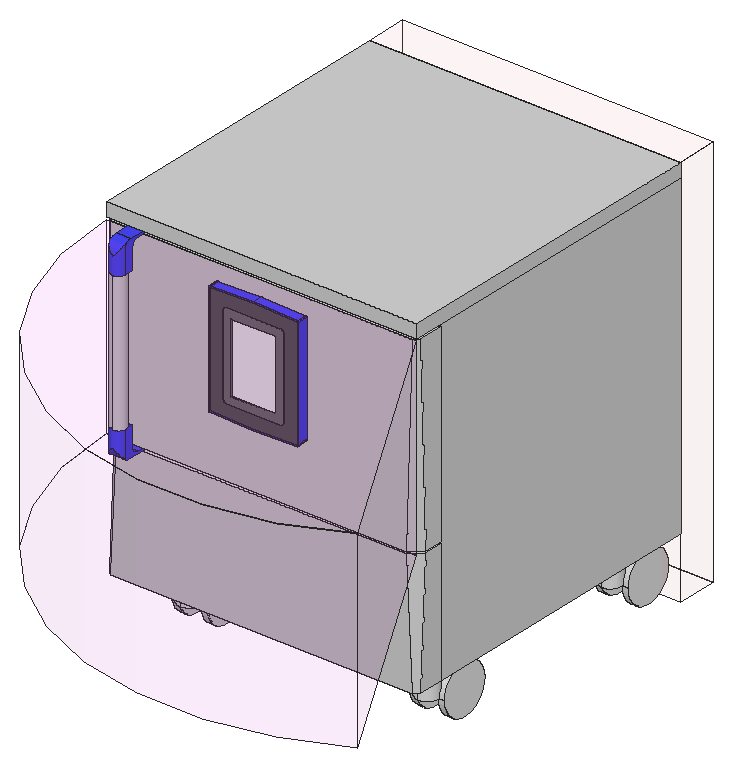
Revit family "Normann_PLUS_PLS5A-R290", category Attrezzature speciali, Revit 2021 (continued)
Definition of nested family "Griglia_Plus"
  Lines and regions (mm)
    model lines, detail levels medium+fine
      curve 1168: line (358.953, -254.362, 0) -> (372.866, -262.395, 0)
      curve 1169: line (358.953, -254.362, 0) -> (358.953, -270.428, 0)
      curve 1170: line (358.953, -270.428, 0) -> (372.866, -262.395, 0)
      curve 1171: line (360.936, -133.703, 0) -> (374.849, -125.67, 0)
      curve 1172: line (360.936, -133.703, 0) -> (374.849, -141.736, 0)
      curve 1173: line (374.849, -141.736, 0) -> (374.849, -125.67, 0)
      curve 1174: line (392.781, -133.703, 0) -> (378.867, -125.67, 0)
      curve 1175: line (392.781, -133.703, 0) -> (378.867, -141.736, 0)
      curve 1176: line (378.867, -141.736, 0) -> (378.867, -125.67, 0)
      curve 1177: line (360.936, -110.699, 0) -> (374.849, -118.731, 0)
      curve 1178: line (360.936, -110.699, 0) -> (374.849, -102.666, 0)
      curve 1179: line (374.849, -102.666, 0) -> (374.849, -118.731, 0)
      curve 1180: line (392.781, -110.699, 0) -> (378.867, -118.731, 0)
      curve 1181: line (392.781, -110.699, 0) -> (378.867, -102.666, 0)
      curve 1182: line (378.867, -102.666, 0) -> (378.867, -118.731, 0)
      curve 1183: line (394.797, -130.438, 0) -> (380.884, -122.405, 0)
      curve 1184: line (394.797, -130.438, 0) -> (394.797, -114.373, 0)
      curve 1185: line (394.797, -114.373, 0) -> (380.884, -122.405, 0)
      curve 1186: line (358.953, -114.362, 0) -> (372.866, -122.395, 0)
      curve 1187: line (358.953, -114.362, 0) -> (358.953, -130.428, 0)
      curve 1188: line (358.953, -130.428, 0) -> (372.866, -122.395, 0)
      curve 1189: line (394.797, -136.968, 0) -> (380.884, -145, 0)
      curve 1190: line (394.797, -136.968, 0) -> (394.797, -153.033, 0)
      curve 1191: line (394.797, -153.033, 0) -> (380.884, -145, 0)
      curve 1192: line (358.953, -153.043, 0) -> (372.866, -145.011, 0)
      curve 1193: line (358.953, -153.043, 0) -> (358.953, -136.978, 0)
      curve 1194: line (358.953, -136.978, 0) -> (372.866, -145.011, 0)
      curve 1195: line (360.936, -89.941, 0) -> (374.849, -81.909, 0)
      curve 1196: line (360.936, -89.941, 0) -> (374.849, -97.974, 0)
      curve 1197: line (374.849, -97.974, 0) -> (374.849, -81.909, 0)
      curve 1198: line (392.781, -89.941, 0) -> (378.867, -81.909, 0)
      curve 1199: line (392.781, -89.941, 0) -> (378.867, -97.974, 0)
      curve 1200: line (378.867, -97.974, 0) -> (378.867, -81.909, 0)
      curve 1201: line (360.936, -66.937, 0) -> (374.849, -74.97, 0)
      curve 1202: line (360.936, -66.937, 0) -> (374.849, -58.904, 0)
      curve 1203: line (374.849, -58.904, 0) -> (374.849, -74.97, 0)
      curve 1204: line (392.781, -66.937, 0) -> (378.867, -74.97, 0)
      curve 1205: line (392.781, -66.937, 0) -> (378.867, -58.904, 0)
      curve 1206: line (378.867, -58.904, 0) -> (378.867, -74.97, 0)
      curve 1207: line (394.797, -86.677, 0) -> (380.884, -78.644, 0)
      curve 1208: line (394.797, -86.677, 0) -> (394.797, -70.611, 0)
      curve 1209: line (394.797, -70.611, 0) -> (380.884, -78.644, 0)
      curve 1210: line (358.953, -70.601, 0) -> (372.866, -78.633, 0)
      curve 1211: line (358.953, -70.601, 0) -> (358.953, -86.666, 0)
      curve 1212: line (358.953, -86.666, 0) -> (372.866, -78.633, 0)
      curve 1213: line (394.797, -93.206, 0) -> (380.884, -101.239, 0)
      curve 1214: line (394.797, -93.206, 0) -> (394.797, -109.272, 0)
      curve 1215: line (394.797, -109.272, 0) -> (380.884, -101.239, 0)
      curve 1216: line (358.953, -109.282, 0) -> (372.866, -101.249, 0)
      curve 1217: line (358.953, -109.282, 0) -> (358.953, -93.217, 0)
      curve 1218: line (358.953, -93.217, 0) -> (372.866, -101.249, 0)
      curve 1219: line (360.936, -43.691, 0) -> (374.849, -35.659, 0)
      curve 1220: line (360.936, -43.691, 0) -> (374.849, -51.724, 0)
      curve 1221: line (374.849, -51.724, 0) -> (374.849, -35.659, 0)
      curve 1222: line (392.781, -43.691, 0) -> (378.867, -35.659, 0)
      curve 1223: line (392.781, -43.691, 0) -> (378.867, -51.724, 0)
      curve 1224: line (378.867, -51.724, 0) -> (378.867, -35.659, 0)
      curve 1225: line (360.936, -20.687, 0) -> (374.849, -28.72, 0)
      curve 1226: line (360.936, -20.687, 0) -> (374.849, -12.654, 0)
      curve 1227: line (374.849, -12.654, 0) -> (374.849, -28.72, 0)
      curve 1228: line (392.781, -20.687, 0) -> (378.867, -28.72, 0)
      curve 1229: line (392.781, -20.687, 0) -> (378.867, -12.654, 0)
      curve 1230: line (378.867, -12.654, 0) -> (378.867, -28.72, 0)
      curve 1231: line (394.797, -40.427, 0) -> (380.884, -32.394, 0)
      curve 1232: line (394.797, -40.427, 0) -> (394.797, -24.361, 0)
      curve 1233: line (394.797, -24.361, 0) -> (380.884, -32.394, 0)
      curve 1234: line (358.953, -24.351, 0) -> (372.866, -32.383, 0)
      curve 1235: line (358.953, -24.351, 0) -> (358.953, -40.416, 0)
      curve 1236: line (358.953, -40.416, 0) -> (372.866, -32.383, 0)
      curve 1237: line (394.797, -46.956, 0) -> (380.884, -54.989, 0)
      curve 1238: line (394.797, -46.956, 0) -> (394.797, -63.022, 0)
      curve 1239: line (394.797, -63.022, 0) -> (380.884, -54.989, 0)
      curve 1240: line (358.953, -63.032, 0) -> (372.866, -54.999, 0)
      curve 1241: line (358.953, -63.032, 0) -> (358.953, -46.967, 0)
      curve 1242: line (358.953, -46.967, 0) -> (372.866, -54.999, 0)
      curve 1243: line (400.936, -180.917, 0) -> (414.849, -172.885, 0)
      curve 1244: line (400.936, -180.917, 0) -> (414.849, -188.95, 0)
      curve 1245: line (414.849, -188.95, 0) -> (414.849, -172.885, 0)
      curve 1246: line (432.781, -180.917, 0) -> (418.867, -172.885, 0)
      curve 1247: line (432.781, -180.917, 0) -> (418.867, -188.95, 0)
      curve 1248: line (418.867, -188.95, 0) -> (418.867, -172.885, 0)
      curve 1249: line (400.936, -157.913, 0) -> (414.849, -165.946, 0)
      curve 1250: line (400.936, -157.913, 0) -> (414.849, -149.88, 0)
      curve 1251: line (414.849, -149.88, 0) -> (414.849, -165.946, 0)
      curve 1252: line (432.781, -157.913, 0) -> (418.867, -165.946, 0)
      curve 1253: line (432.781, -157.913, 0) -> (418.867, -149.88, 0)
      curve 1254: line (418.867, -149.88, 0) -> (418.867, -165.946, 0)
      curve 1255: line (434.797, -177.653, 0) -> (420.884, -169.62, 0)
      curve 1256: line (434.797, -177.653, 0) -> (434.797, -161.587, 0)
      curve 1257: line (434.797, -161.587, 0) -> (420.884, -169.62, 0)
      curve 1258: line (398.953, -161.577, 0) -> (412.866, -169.609, 0)
      curve 1259: line (398.953, -161.577, 0) -> (398.953, -177.642, 0)
      curve 1260: line (398.953, -177.642, 0) -> (412.866, -169.609, 0)
      curve 1261: line (434.797, -184.182, 0) -> (420.884, -192.215, 0)
      curve 1262: line (434.797, -184.182, 0) -> (434.797, -200.248, 0)
      curve 1263: line (434.797, -200.248, 0) -> (420.884, -192.215, 0)
      curve 1264: line (398.953, -200.258, 0) -> (412.866, -192.225, 0)
      curve 1265: line (398.953, -200.258, 0) -> (398.953, -184.192, 0)
      curve 1266: line (398.953, -184.192, 0) -> (412.866, -192.225, 0)
      curve 1267: line (400.936, -227.884, 0) -> (414.849, -219.851, 0)
      curve 1268: line (400.936, -227.884, 0) -> (414.849, -235.917, 0)
      curve 1269: line (414.849, -235.917, 0) -> (414.849, -219.851, 0)
      curve 1270: line (432.781, -227.884, 0) -> (418.867, -219.851, 0)
      curve 1271: line (432.781, -227.884, 0) -> (418.867, -235.917, 0)
      curve 1272: line (418.867, -235.917, 0) -> (418.867, -219.851, 0)
      curve 1273: line (400.936, -204.88, 0) -> (414.849, -212.912, 0)
      curve 1274: line (400.936, -204.88, 0) -> (414.849, -196.847, 0)
      curve 1275: line (414.849, -196.847, 0) -> (414.849, -212.912, 0)
      curve 1276: line (432.781, -204.88, 0) -> (418.867, -212.912, 0)
      curve 1277: line (432.781, -204.88, 0) -> (418.867, -196.847, 0)
      curve 1278: line (418.867, -196.847, 0) -> (418.867, -212.912, 0)
      curve 1279: line (434.797, -224.619, 0) -> (420.884, -216.587, 0)
      curve 1280: line (434.797, -224.619, 0) -> (434.797, -208.554, 0)
      curve 1281: line (434.797, -208.554, 0) -> (420.884, -216.587, 0)
      curve 1282: line (398.953, -208.543, 0) -> (412.866, -216.576, 0)
      curve 1283: line (398.953, -208.543, 0) -> (398.953, -224.609, 0)
      curve 1284: line (398.953, -224.609, 0) -> (412.866, -216.576, 0)
      curve 1285: line (434.797, -231.149, 0) -> (420.884, -239.181, 0)
      curve 1286: line (434.797, -231.149, 0) -> (434.797, -247.214, 0)
      curve 1287: line (434.797, -247.214, 0) -> (420.884, -239.181, 0)
      curve 1288: line (398.953, -247.225, 0) -> (412.866, -239.192, 0)
      curve 1289: line (398.953, -247.225, 0) -> (398.953, -231.159, 0)
      curve 1290: line (398.953, -231.159, 0) -> (412.866, -239.192, 0)
      curve 1291: line (400.936, -273.703, 0) -> (414.849, -265.67, 0)
      curve 1292: line (400.936, -273.703, 0) -> (414.849, -281.736, 0)
      curve 1293: line (414.849, -281.736, 0) -> (414.849, -265.67, 0)
      curve 1294: line (432.781, -273.703, 0) -> (418.867, -265.67, 0)
      curve 1295: line (432.781, -273.703, 0) -> (418.867, -281.736, 0)
      curve 1296: line (418.867, -281.736, 0) -> (418.867, -265.67, 0)
      curve 1297: line (400.936, -250.699, 0) -> (414.849, -258.731, 0)
      curve 1298: line (400.936, -250.699, 0) -> (414.849, -242.666, 0)
      curve 1299: line (414.849, -242.666, 0) -> (414.849, -258.731, 0)
      curve 1300: line (432.781, -250.699, 0) -> (418.867, -258.731, 0)
      curve 1301: line (432.781, -250.699, 0) -> (418.867, -242.666, 0)
      curve 1302: line (418.867, -242.666, 0) -> (418.867, -258.731, 0)
      curve 1303: line (434.797, -270.438, 0) -> (420.884, -262.405, 0)
      curve 1304: line (434.797, -270.438, 0) -> (434.797, -254.373, 0)
      curve 1305: line (434.797, -254.373, 0) -> (420.884, -262.405, 0)
      curve 1306: line (398.953, -254.362, 0) -> (412.866, -262.395, 0)
      curve 1307: line (398.953, -254.362, 0) -> (398.953, -270.428, 0)
      curve 1308: line (398.953, -270.428, 0) -> (412.866, -262.395, 0)
      curve 1309: line (400.936, -133.703, 0) -> (414.849, -125.67, 0)
      curve 1310: line (400.936, -133.703, 0) -> (414.849, -141.736, 0)
      curve 1311: line (414.849, -141.736, 0) -> (414.849, -125.67, 0)
      curve 1312: line (432.781, -133.703, 0) -> (418.867, -125.67, 0)
      curve 1313: line (432.781, -133.703, 0) -> (418.867, -141.736, 0)
      curve 1314: line (418.867, -141.736, 0) -> (418.867, -125.67, 0)
      curve 1315: line (400.936, -110.699, 0) -> (414.849, -118.731, 0)
      curve 1316: line (400.936, -110.699, 0) -> (414.849, -102.666, 0)
      curve 1317: line (414.849, -102.666, 0) -> (414.849, -118.731, 0)
      curve 1318: line (432.781, -110.699, 0) -> (418.867, -118.731, 0)
      curve 1319: line (432.781, -110.699, 0) -> (418.867, -102.666, 0)
      curve 1320: line (418.867, -102.666, 0) -> (418.867, -118.731, 0)
      curve 1321: line (434.797, -130.438, 0) -> (420.884, -122.405, 0)
      curve 1322: line (434.797, -130.438, 0) -> (434.797, -114.373, 0)
      curve 1323: line (434.797, -114.373, 0) -> (420.884, -122.405, 0)
      curve 1324: line (398.953, -114.362, 0) -> (412.866, -122.395, 0)
      curve 1325: line (398.953, -114.362, 0) -> (398.953, -130.428, 0)
      curve 1326: line (398.953, -130.428, 0) -> (412.866, -122.395, 0)
      curve 1327: line (434.797, -136.968, 0) -> (420.884, -145, 0)
      curve 1328: line (434.797, -136.968, 0) -> (434.797, -153.033, 0)
      curve 1329: line (434.797, -153.033, 0) -> (420.884, -145, 0)
      curve 1330: line (398.953, -153.043, 0) -> (412.866, -145.011, 0)
      curve 1331: line (398.953, -153.043, 0) -> (398.953, -136.978, 0)
      curve 1332: line (398.953, -136.978, 0) -> (412.866, -145.011, 0)
      curve 1333: line (400.936, -89.941, 0) -> (414.849, -81.909, 0)
      curve 1334: line (400.936, -89.941, 0) -> (414.849, -97.974, 0)
      curve 1335: line (414.849, -97.974, 0) -> (414.849, -81.909, 0)
      curve 1336: line (432.781, -89.941, 0) -> (418.867, -81.909, 0)
      curve 1337: line (432.781, -89.941, 0) -> (418.867, -97.974, 0)
      curve 1338: line (418.867, -97.974, 0) -> (418.867, -81.909, 0)
      curve 1339: line (400.936, -66.937, 0) -> (414.849, -74.97, 0)
      curve 1340: line (400.936, -66.937, 0) -> (414.849, -58.904, 0)
      curve 1341: line (414.849, -58.904, 0) -> (414.849, -74.97, 0)
      curve 1342: line (432.781, -66.937, 0) -> (418.867, -74.97, 0)
      curve 1343: line (432.781, -66.937, 0) -> (418.867, -58.904, 0)
      curve 1344: line (418.867, -58.904, 0) -> (418.867, -74.97, 0)
      curve 1345: line (434.797, -86.677, 0) -> (420.884, -78.644, 0)
      curve 1346: line (434.797, -86.677, 0) -> (434.797, -70.611, 0)
      curve 1347: line (434.797, -70.611, 0) -> (420.884, -78.644, 0)
      curve 1348: line (398.953, -70.601, 0) -> (412.866, -78.633, 0)
      curve 1349: line (398.953, -70.601, 0) -> (398.953, -86.666, 0)
      curve 1350: line (398.953, -86.666, 0) -> (412.866, -78.633, 0)
      curve 1351: line (434.797, -93.206, 0) -> (420.884, -101.239, 0)
      curve 1352: line (434.797, -93.206, 0) -> (434.797, -109.272, 0)
      curve 1353: line (434.797, -109.272, 0) -> (420.884, -101.239, 0)
      curve 1354: line (398.953, -109.282, 0) -> (412.866, -101.249, 0)
      curve 1355: line (398.953, -109.282, 0) -> (398.953, -93.217, 0)
      curve 1356: line (398.953, -93.217, 0) -> (412.866, -101.249, 0)
      curve 1357: line (400.936, -43.691, 0) -> (414.849, -35.659, 0)
      curve 1358: line (400.936, -43.691, 0) -> (414.849, -51.724, 0)
      curve 1359: line (414.849, -51.724, 0) -> (414.849, -35.659, 0)
      curve 1360: line (432.781, -43.691, 0) -> (418.867, -35.659, 0)
      curve 1361: line (432.781, -43.691, 0) -> (418.867, -51.724, 0)
      curve 1362: line (418.867, -51.724, 0) -> (418.867, -35.659, 0)
      curve 1363: line (400.936, -20.687, 0) -> (414.849, -28.72, 0)
      curve 1364: line (400.936, -20.687, 0) -> (414.849, -12.654, 0)
      curve 1365: line (414.849, -12.654, 0) -> (414.849, -28.72, 0)
      curve 1366: line (432.781, -20.687, 0) -> (418.867, -28.72, 0)
      curve 1367: line (432.781, -20.687, 0) -> (418.867, -12.654, 0)
      curve 1368: line (418.867, -12.654, 0) -> (418.867, -28.72, 0)
      curve 1369: line (434.797, -40.427, 0) -> (420.884, -32.394, 0)
      curve 1370: line (434.797, -40.427, 0) -> (434.797, -24.361, 0)
      curve 1371: line (434.797, -24.361, 0) -> (420.884, -32.394, 0)
      curve 1372: line (398.953, -24.351, 0) -> (412.866, -32.383, 0)
      curve 1373: line (398.953, -24.351, 0) -> (398.953, -40.416, 0)
      curve 1374: line (398.953, -40.416, 0) -> (412.866, -32.383, 0)
      curve 1375: line (434.797, -46.956, 0) -> (420.884, -54.989, 0)
      curve 1376: line (434.797, -46.956, 0) -> (434.797, -63.022, 0)
      curve 1377: line (434.797, -63.022, 0) -> (420.884, -54.989, 0)
      curve 1378: line (398.953, -63.032, 0) -> (412.866, -54.999, 0)
      curve 1379: line (398.953, -63.032, 0) -> (398.953, -46.967, 0)
      curve 1380: line (398.953, -46.967, 0) -> (412.866, -54.999, 0)
      curve 1381: line (440.936, -180.917, 0) -> (454.849, -172.885, 0)
      curve 1382: line (440.936, -180.917, 0) -> (454.849, -188.95, 0)
      curve 1383: line (454.849, -188.95, 0) -> (454.849, -172.885, 0)
      curve 1384: line (472.781, -180.917, 0) -> (458.867, -172.885, 0)
      curve 1385: line (472.781, -180.917, 0) -> (458.867, -188.95, 0)
      curve 1386: line (458.867, -188.95, 0) -> (458.867, -172.885, 0)
      curve 1387: line (440.936, -157.913, 0) -> (454.849, -165.946, 0)
      curve 1388: line (440.936, -157.913, 0) -> (454.849, -149.88, 0)
      curve 1389: line (454.849, -149.88, 0) -> (454.849, -165.946, 0)
      curve 1390: line (472.781, -157.913, 0) -> (458.867, -165.946, 0)
      curve 1391: line (472.781, -157.913, 0) -> (458.867, -149.88, 0)
      curve 1392: line (458.867, -149.88, 0) -> (458.867, -165.946, 0)
      curve 1393: line (474.797, -177.653, 0) -> (460.884, -169.62, 0)
      curve 1394: line (474.797, -177.653, 0) -> (474.797, -161.587, 0)
      curve 1395: line (474.797, -161.587, 0) -> (460.884, -169.62, 0)
      curve 1396: line (438.953, -161.577, 0) -> (452.866, -169.609, 0)
      curve 1397: line (438.953, -161.577, 0) -> (438.953, -177.642, 0)
      curve 1398: line (438.953, -177.642, 0) -> (452.866, -169.609, 0)
      curve 1399: line (474.797, -184.182, 0) -> (460.884, -192.215, 0)
      curve 1400: line (474.797, -184.182, 0) -> (474.797, -200.248, 0)
      curve 1401: line (474.797, -200.248, 0) -> (460.884, -192.215, 0)
      curve 1402: line (438.953, -200.258, 0) -> (452.866, -192.225, 0)
      curve 1403: line (438.953, -200.258, 0) -> (438.953, -184.192, 0)
      curve 1404: line (438.953, -184.192, 0) -> (452.866, -192.225, 0)
      curve 1405: line (440.936, -227.884, 0) -> (454.849, -219.851, 0)
      curve 1406: line (440.936, -227.884, 0) -> (454.849, -235.917, 0)
      curve 1407: line (454.849, -235.917, 0) -> (454.849, -219.851, 0)
      curve 1408: line (472.781, -227.884, 0) -> (458.867, -219.851, 0)
      curve 1409: line (472.781, -227.884, 0) -> (458.867, -235.917, 0)
      curve 1410: line (458.867, -235.917, 0) -> (458.867, -219.851, 0)
      curve 1411: line (440.936, -204.88, 0) -> (454.849, -212.912, 0)
      curve 1412: line (440.936, -204.88, 0) -> (454.849, -196.847, 0)
      curve 1413: line (454.849, -196.847, 0) -> (454.849, -212.912, 0)
      curve 1414: line (472.781, -204.88, 0) -> (458.867, -212.912, 0)
      curve 1415: line (472.781, -204.88, 0) -> (458.867, -196.847, 0)
      curve 1416: line (458.867, -196.847, 0) -> (458.867, -212.912, 0)
      curve 1417: line (474.797, -224.619, 0) -> (460.884, -216.587, 0)
      curve 1418: line (474.797, -224.619, 0) -> (474.797, -208.554, 0)
      curve 1419: line (474.797, -208.554, 0) -> (460.884, -216.587, 0)
      curve 1420: line (438.953, -208.543, 0) -> (452.866, -216.576, 0)
      curve 1421: line (438.953, -208.543, 0) -> (438.953, -224.609, 0)
      curve 1422: line (438.953, -224.609, 0) -> (452.866, -216.576, 0)
      curve 1423: line (474.797, -231.149, 0) -> (460.884, -239.181, 0)
      curve 1424: line (474.797, -231.149, 0) -> (474.797, -247.214, 0)
      curve 1425: line (474.797, -247.214, 0) -> (460.884, -239.181, 0)
      curve 1426: line (438.953, -247.225, 0) -> (452.866, -239.192, 0)
      curve 1427: line (438.953, -247.225, 0) -> (438.953, -231.159, 0)
      curve 1428: line (438.953, -231.159, 0) -> (452.866, -239.192, 0)
      curve 1429: line (440.936, -273.703, 0) -> (454.849, -265.67, 0)
      curve 1430: line (440.936, -273.703, 0) -> (454.849, -281.736, 0)
      curve 1431: line (454.849, -281.736, 0) -> (454.849, -265.67, 0)
      curve 1432: line (472.781, -273.703, 0) -> (458.867, -265.67, 0)
      curve 1433: line (472.781, -273.703, 0) -> (458.867, -281.736, 0)
      curve 1434: line (458.867, -281.736, 0) -> (458.867, -265.67, 0)
      curve 1435: line (440.936, -250.699, 0) -> (454.849, -258.731, 0)
      curve 1436: line (440.936, -250.699, 0) -> (454.849, -242.666, 0)
      curve 1437: line (454.849, -242.666, 0) -> (454.849, -258.731, 0)
      curve 1438: line (472.781, -250.699, 0) -> (458.867, -258.731, 0)
      curve 1439: line (472.781, -250.699, 0) -> (458.867, -242.666, 0)
      curve 1440: line (458.867, -242.666, 0) -> (458.867, -258.731, 0)
      curve 1441: line (474.797, -270.438, 0) -> (460.884, -262.405, 0)
      curve 1442: line (474.797, -270.438, 0) -> (474.797, -254.373, 0)
      curve 1443: line (474.797, -254.373, 0) -> (460.884, -262.405, 0)
      curve 1444: line (438.953, -254.362, 0) -> (452.866, -262.395, 0)
      curve 1445: line (438.953, -254.362, 0) -> (438.953, -270.428, 0)
      curve 1446: line (438.953, -270.428, 0) -> (452.866, -262.395, 0)
      curve 1447: line (440.936, -133.703, 0) -> (454.849, -125.67, 0)
      curve 1448: line (440.936, -133.703, 0) -> (454.849, -141.736, 0)
      curve 1449: line (454.849, -141.736, 0) -> (454.849, -125.67, 0)
      curve 1450: line (472.781, -133.703, 0) -> (458.867, -125.67, 0)
      curve 1451: line (472.781, -133.703, 0) -> (458.867, -141.736, 0)
      curve 1452: line (458.867, -141.736, 0) -> (458.867, -125.67, 0)
      curve 1453: line (440.936, -110.699, 0) -> (454.849, -118.731, 0)
      curve 1454: line (440.936, -110.699, 0) -> (454.849, -102.666, 0)
      curve 1455: line (454.849, -102.666, 0) -> (454.849, -118.731, 0)
      curve 1456: line (472.781, -110.699, 0) -> (458.867, -118.731, 0)
      curve 1457: line (472.781, -110.699, 0) -> (458.867, -102.666, 0)
      curve 1458: line (458.867, -102.666, 0) -> (458.867, -118.731, 0)
      curve 1459: line (474.797, -130.438, 0) -> (460.884, -122.405, 0)
      curve 1460: line (474.797, -130.438, 0) -> (474.797, -114.373, 0)
      curve 1461: line (474.797, -114.373, 0) -> (460.884, -122.405, 0)
      curve 1462: line (438.953, -114.362, 0) -> (452.866, -122.395, 0)
      curve 1463: line (438.953, -114.362, 0) -> (438.953, -130.428, 0)
      curve 1464: line (438.953, -130.428, 0) -> (452.866, -122.395, 0)
      curve 1465: line (474.797, -136.968, 0) -> (460.884, -145, 0)
      curve 1466: line (474.797, -136.968, 0) -> (474.797, -153.033, 0)
      curve 1467: line (474.797, -153.033, 0) -> (460.884, -145, 0)
      curve 1468: line (438.953, -153.043, 0) -> (452.866, -145.011, 0)
      curve 1469: line (438.953, -153.043, 0) -> (438.953, -136.978, 0)
      curve 1470: line (438.953, -136.978, 0) -> (452.866, -145.011, 0)
      curve 1471: line (440.936, -89.941, 0) -> (454.849, -81.909, 0)
      curve 1472: line (440.936, -89.941, 0) -> (454.849, -97.974, 0)
      curve 1473: line (454.849, -97.974, 0) -> (454.849, -81.909, 0)
      curve 1474: line (472.781, -89.941, 0) -> (458.867, -81.909, 0)
      curve 1475: line (472.781, -89.941, 0) -> (458.867, -97.974, 0)
      curve 1476: line (458.867, -97.974, 0) -> (458.867, -81.909, 0)
      curve 1477: line (440.936, -66.937, 0) -> (454.849, -74.97, 0)
      curve 1478: line (440.936, -66.937, 0) -> (454.849, -58.904, 0)
      curve 1479: line (454.849, -58.904, 0) -> (454.849, -74.97, 0)
      curve 1480: line (472.781, -66.937, 0) -> (458.867, -74.97, 0)
      curve 1481: line (472.781, -66.937, 0) -> (458.867, -58.904, 0)
      curve 1482: line (458.867, -58.904, 0) -> (458.867, -74.97, 0)
      curve 1483: line (474.797, -86.677, 0) -> (460.884, -78.644, 0)
      curve 1484: line (474.797, -86.677, 0) -> (474.797, -70.611, 0)
      curve 1485: line (474.797, -70.611, 0) -> (460.884, -78.644, 0)
      curve 1486: line (438.953, -70.601, 0) -> (452.866, -78.633, 0)
      curve 1487: line (438.953, -70.601, 0) -> (438.953, -86.666, 0)
      curve 1488: line (438.953, -86.666, 0) -> (452.866, -78.633, 0)
      curve 1489: line (474.797, -93.206, 0) -> (460.884, -101.239, 0)
      curve 1490: line (474.797, -93.206, 0) -> (474.797, -109.272, 0)
      curve 1491: line (474.797, -109.272, 0) -> (460.884, -101.239, 0)
      curve 1492: line (438.953, -109.282, 0) -> (452.866, -101.249, 0)
      curve 1493: line (438.953, -109.282, 0) -> (438.953, -93.217, 0)
      curve 1494: line (438.953, -93.217, 0) -> (452.866, -101.249, 0)
      curve 1495: line (440.936, -43.691, 0) -> (454.849, -35.659, 0)
      curve 1496: line (440.936, -43.691, 0) -> (454.849, -51.724, 0)
      curve 1497: line (454.849, -51.724, 0) -> (454.849, -35.659, 0)
      curve 1498: line (472.781, -43.691, 0) -> (458.867, -35.659, 0)
      curve 1499: line (472.781, -43.691, 0) -> (458.867, -51.724, 0)
      curve 1500: line (458.867, -51.724, 0) -> (458.867, -35.659, 0)
      curve 1501: line (440.936, -20.687, 0) -> (454.849, -28.72, 0)
      curve 1502: line (440.936, -20.687, 0) -> (454.849, -12.654, 0)
      curve 1503: line (454.849, -12.654, 0) -> (454.849, -28.72, 0)
      curve 1504: line (472.781, -20.687, 0) -> (458.867, -28.72, 0)
      curve 1505: line (472.781, -20.687, 0) -> (458.867, -12.654, 0)
      curve 1506: line (458.867, -12.654, 0) -> (458.867, -28.72, 0)
      curve 1507: line (474.797, -40.427, 0) -> (460.884, -32.394, 0)
      curve 1508: line (474.797, -40.427, 0) -> (474.797, -24.361, 0)
      curve 1509: line (474.797, -24.361, 0) -> (460.884, -32.394, 0)
      curve 1510: line (438.953, -24.351, 0) -> (452.866, -32.383, 0)
      curve 1511: line (438.953, -24.351, 0) -> (438.953, -40.416, 0)
      curve 1512: line (438.953, -40.416, 0) -> (452.866, -32.383, 0)
      curve 1513: line (474.797, -46.956, 0) -> (460.884, -54.989, 0)
      curve 1514: line (474.797, -46.956, 0) -> (474.797, -63.022, 0)
      curve 1515: line (474.797, -63.022, 0) -> (460.884, -54.989, 0)
      curve 1516: line (438.953, -63.032, 0) -> (452.866, -54.999, 0)
      curve 1517: line (438.953, -63.032, 0) -> (438.953, -46.967, 0)
      curve 1518: line (438.953, -46.967, 0) -> (452.866, -54.999, 0)
      curve 1519: line (480.936, -180.917, 0) -> (494.849, -172.885, 0)
      curve 1520: line (480.936, -180.917, 0) -> (494.849, -188.95, 0)
      curve 1521: line (494.849, -188.95, 0) -> (494.849, -172.885, 0)
      curve 1522: line (512.781, -180.917, 0) -> (498.867, -172.885, 0)
      curve 1523: line (512.781, -180.917, 0) -> (498.867, -188.95, 0)
      curve 1524: line (498.867, -188.95, 0) -> (498.867, -172.885, 0)
      curve 1525: line (480.936, -157.913, 0) -> (494.849, -165.946, 0)
      curve 1526: line (480.936, -157.913, 0) -> (494.849, -149.88, 0)
      curve 1527: line (494.849, -149.88, 0) -> (494.849, -165.946, 0)
      curve 1528: line (512.781, -157.913, 0) -> (498.867, -165.946, 0)
      curve 1529: line (512.781, -157.913, 0) -> (498.867, -149.88, 0)
      curve 1530: line (498.867, -149.88, 0) -> (498.867, -165.946, 0)
      curve 1531: line (514.797, -177.653, 0) -> (500.884, -169.62, 0)
      curve 1532: line (514.797, -177.653, 0) -> (514.797, -161.587, 0)
      curve 1533: line (514.797, -161.587, 0) -> (500.884, -169.62, 0)
      curve 1534: line (478.953, -161.577, 0) -> (492.866, -169.609, 0)
      curve 1535: line (478.953, -161.577, 0) -> (478.953, -177.642, 0)
      curve 1536: line (478.953, -177.642, 0) -> (492.866, -169.609, 0)
      curve 1537: line (514.797, -184.182, 0) -> (500.884, -192.215, 0)
      curve 1538: line (514.797, -184.182, 0) -> (514.797, -200.248, 0)
      curve 1539: line (514.797, -200.248, 0) -> (500.884, -192.215, 0)
      curve 1540: line (478.953, -200.258, 0) -> (492.866, -192.225, 0)
      curve 1541: line (478.953, -200.258, 0) -> (478.953, -184.192, 0)
      curve 1542: line (478.953, -184.192, 0) -> (492.866, -192.225, 0)
      curve 1543: line (480.936, -227.884, 0) -> (494.849, -219.851, 0)
      curve 1544: line (480.936, -227.884, 0) -> (494.849, -235.917, 0)
      curve 1545: line (494.849, -235.917, 0) -> (494.849, -219.851, 0)
      curve 1546: line (512.781, -227.884, 0) -> (498.867, -219.851, 0)
      curve 1547: line (512.781, -227.884, 0) -> (498.867, -235.917, 0)
      curve 1548: line (498.867, -235.917, 0) -> (498.867, -219.851, 0)
      curve 1549: line (480.936, -204.88, 0) -> (494.849, -212.912, 0)
      curve 1550: line (480.936, -204.88, 0) -> (494.849, -196.847, 0)
      curve 1551: line (494.849, -196.847, 0) -> (494.849, -212.912, 0)
      curve 1552: line (512.781, -204.88, 0) -> (498.867, -212.912, 0)
      curve 1553: line (512.781, -204.88, 0) -> (498.867, -196.847, 0)
      curve 1554: line (498.867, -196.847, 0) -> (498.867, -212.912, 0)
      curve 1555: line (514.797, -224.619, 0) -> (500.884, -216.587, 0)
      curve 1556: line (514.797, -224.619, 0) -> (514.797, -208.554, 0)
      curve 1557: line (514.797, -208.554, 0) -> (500.884, -216.587, 0)
      curve 1558: line (478.953, -208.543, 0) -> (492.866, -216.576, 0)
      curve 1559: line (478.953, -208.543, 0) -> (478.953, -224.609, 0)
      curve 1560: line (478.953, -224.609, 0) -> (492.866, -216.576, 0)
      curve 1561: line (514.797, -231.149, 0) -> (500.884, -239.181, 0)
      curve 1562: line (514.797, -231.149, 0) -> (514.797, -247.214, 0)
      curve 1563: line (514.797, -247.214, 0) -> (500.884, -239.181, 0)
      curve 1564: line (478.953, -247.225, 0) -> (492.866, -239.192, 0)
      curve 1565: line (478.953, -247.225, 0) -> (478.953, -231.159, 0)
      curve 1566: line (478.953, -231.159, 0) -> (492.866, -239.192, 0)
      curve 1567: line (480.936, -273.703, 0) -> (494.849, -265.67, 0)
      curve 1568: line (480.936, -273.703, 0) -> (494.849, -281.736, 0)
      curve 1569: line (494.849, -281.736, 0) -> (494.849, -265.67, 0)
      curve 1570: line (512.781, -273.703, 0) -> (498.867, -265.67, 0)
      curve 1571: line (512.781, -273.703, 0) -> (498.867, -281.736, 0)
      curve 1572: line (498.867, -281.736, 0) -> (498.867, -265.67, 0)
      curve 1573: line (480.936, -250.699, 0) -> (494.849, -258.731, 0)
      curve 1574: line (480.936, -250.699, 0) -> (494.849, -242.666, 0)
      curve 1575: line (494.849, -242.666, 0) -> (494.849, -258.731, 0)
      curve 1576: line (512.781, -250.699, 0) -> (498.867, -258.731, 0)
      curve 1577: line (512.781, -250.699, 0) -> (498.867, -242.666, 0)
      curve 1578: line (498.867, -242.666, 0) -> (498.867, -258.731, 0)
      curve 1579: line (514.797, -270.438, 0) -> (500.884, -262.405, 0)
      curve 1580: line (514.797, -270.438, 0) -> (514.797, -254.373, 0)
      curve 1581: line (514.797, -254.373, 0) -> (500.884, -262.405, 0)
      curve 1582: line (478.953, -254.362, 0) -> (492.866, -262.395, 0)
      curve 1583: line (478.953, -254.362, 0) -> (478.953, -270.428, 0)
      curve 1584: line (478.953, -270.428, 0) -> (492.866, -262.395, 0)
      curve 1585: line (480.936, -133.703, 0) -> (494.849, -125.67, 0)
      curve 1586: line (480.936, -133.703, 0) -> (494.849, -141.736, 0)
      curve 1587: line (494.849, -141.736, 0) -> (494.849, -125.67, 0)
      curve 1588: line (512.781, -133.703, 0) -> (498.867, -125.67, 0)
      curve 1589: line (512.781, -133.703, 0) -> (498.867, -141.736, 0)
      curve 1590: line (498.867, -141.736, 0) -> (498.867, -125.67, 0)
      curve 1591: line (480.936, -110.699, 0) -> (494.849, -118.731, 0)
      curve 1592: line (480.936, -110.699, 0) -> (494.849, -102.666, 0)
      curve 1593: line (494.849, -102.666, 0) -> (494.849, -118.731, 0)
      curve 1594: line (512.781, -110.699, 0) -> (498.867, -118.731, 0)
      curve 1595: line (512.781, -110.699, 0) -> (498.867, -102.666, 0)
      curve 1596: line (498.867, -102.666, 0) -> (498.867, -118.731, 0)
      curve 1597: line (514.797, -130.438, 0) -> (500.884, -122.405, 0)
      curve 1598: line (514.797, -130.438, 0) -> (514.797, -114.373, 0)
      curve 1599: line (514.797, -114.373, 0) -> (500.884, -122.405, 0)
      curve 1600: line (478.953, -114.362, 0) -> (492.866, -122.395, 0)
      curve 1601: line (478.953, -114.362, 0) -> (478.953, -130.428, 0)
      curve 1602: line (478.953, -130.428, 0) -> (492.866, -122.395, 0)
      curve 1603: line (514.797, -136.968, 0) -> (500.884, -145, 0)
      curve 1604: line (514.797, -136.968, 0) -> (514.797, -153.033, 0)
      curve 1605: line (514.797, -153.033, 0) -> (500.884, -145, 0)
      curve 1606: line (478.953, -153.043, 0) -> (492.866, -145.011, 0)
      curve 1607: line (478.953, -153.043, 0) -> (478.953, -136.978, 0)
      curve 1608: line (478.953, -136.978, 0) -> (492.866, -145.011, 0)
      curve 1609: line (480.936, -89.941, 0) -> (494.849, -81.909, 0)
      curve 1610: line (480.936, -89.941, 0) -> (494.849, -97.974, 0)
      curve 1611: line (494.849, -97.974, 0) -> (494.849, -81.909, 0)
      curve 1612: line (512.781, -89.941, 0) -> (498.867, -81.909, 0)
      curve 1613: line (512.781, -89.941, 0) -> (498.867, -97.974, 0)
      curve 1614: line (498.867, -97.974, 0) -> (498.867, -81.909, 0)
      curve 1615: line (480.936, -66.937, 0) -> (494.849, -74.97, 0)
      curve 1616: line (480.936, -66.937, 0) -> (494.849, -58.904, 0)
      curve 1617: line (494.849, -58.904, 0) -> (494.849, -74.97, 0)
      curve 1618: line (512.781, -66.937, 0) -> (498.867, -74.97, 0)
      curve 1619: line (512.781, -66.937, 0) -> (498.867, -58.904, 0)
      curve 1620: line (498.867, -58.904, 0) -> (498.867, -74.97, 0)
      curve 1621: line (514.797, -86.677, 0) -> (500.884, -78.644, 0)
      curve 1622: line (514.797, -86.677, 0) -> (514.797, -70.611, 0)
      curve 1623: line (514.797, -70.611, 0) -> (500.884, -78.644, 0)
      curve 1624: line (478.953, -70.601, 0) -> (492.866, -78.633, 0)
      curve 1625: line (478.953, -70.601, 0) -> (478.953, -86.666, 0)
      curve 1626: line (478.953, -86.666, 0) -> (492.866, -78.633, 0)
      curve 1627: line (514.797, -93.206, 0) -> (500.884, -101.239, 0)
      curve 1628: line (514.797, -93.206, 0) -> (514.797, -109.272, 0)
      curve 1629: line (514.797, -109.272, 0) -> (500.884, -101.239, 0)
      curve 1630: line (478.953, -109.282, 0) -> (492.866, -101.249, 0)
      curve 1631: line (478.953, -109.282, 0) -> (478.953, -93.217, 0)
      curve 1632: line (478.953, -93.217, 0) -> (492.866, -101.249, 0)
      curve 1633: line (480.936, -43.691, 0) -> (494.849, -35.659, 0)
      curve 1634: line (480.936, -43.691, 0) -> (494.849, -51.724, 0)
      curve 1635: line (494.849, -51.724, 0) -> (494.849, -35.659, 0)
      curve 1636: line (512.781, -43.691, 0) -> (498.867, -35.659, 0)
      curve 1637: line (512.781, -43.691, 0) -> (498.867, -51.724, 0)
      curve 1638: line (498.867, -51.724, 0) -> (498.867, -35.659, 0)
      curve 1639: line (480.936, -20.687, 0) -> (494.849, -28.72, 0)
      curve 1640: line (480.936, -20.687, 0) -> (494.849, -12.654, 0)
      curve 1641: line (494.849, -12.654, 0) -> (494.849, -28.72, 0)
      curve 1642: line (512.781, -20.687, 0) -> (498.867, -28.72, 0)
      curve 1643: line (512.781, -20.687, 0) -> (498.867, -12.654, 0)
      curve 1644: line (498.867, -12.654, 0) -> (498.867, -28.72, 0)
      curve 1645: line (514.797, -40.427, 0) -> (500.884, -32.394, 0)
      curve 1646: line (514.797, -40.427, 0) -> (514.797, -24.361, 0)
      curve 1647: line (514.797, -24.361, 0) -> (500.884, -32.394, 0)
      curve 1648: line (478.953, -24.351, 0) -> (492.866, -32.383, 0)
      curve 1649: line (478.953, -24.351, 0) -> (478.953, -40.416, 0)
      curve 1650: line (478.953, -40.416, 0) -> (492.866, -32.383, 0)
      curve 1651: line (514.797, -46.956, 0) -> (500.884, -54.989, 0)
      curve 1652: line (514.797, -46.956, 0) -> (514.797, -63.022, 0)
      curve 1653: line (514.797, -63.022, 0) -> (500.884, -54.989, 0)
      curve 1654: line (478.953, -63.032, 0) -> (492.866, -54.999, 0)
      curve 1655: line (478.953, -63.032, 0) -> (478.953, -46.967, 0)
      curve 1656: line (478.953, -46.967, 0) -> (492.866, -54.999, 0)
      curve 1657: line (520.936, -180.917, 0) -> (534.849, -172.885, 0)
      curve 1658: line (520.936, -180.917, 0) -> (534.849, -188.95, 0)
      curve 1659: line (534.849, -188.95, 0) -> (534.849, -172.885, 0)
      curve 1660: line (552.781, -180.917, 0) -> (538.867, -172.885, 0)
      curve 1661: line (552.781, -180.917, 0) -> (538.867, -188.95, 0)
      curve 1662: line (538.867, -188.95, 0) -> (538.867, -172.885, 0)
      curve 1663: line (520.936, -157.913, 0) -> (534.849, -165.946, 0)
      curve 1664: line (520.936, -157.913, 0) -> (534.849, -149.88, 0)
      curve 1665: line (534.849, -149.88, 0) -> (534.849, -165.946, 0)
      curve 1666: line (552.781, -157.913, 0) -> (538.867, -165.946, 0)
      curve 1667: line (552.781, -157.913, 0) -> (538.867, -149.88, 0)
      curve 1668: line (538.867, -149.88, 0) -> (538.867, -165.946, 0)
      curve 1669: line (554.797, -177.653, 0) -> (540.884, -169.62, 0)
      curve 1670: line (554.797, -177.653, 0) -> (554.797, -161.587, 0)
      curve 1671: line (554.797, -161.587, 0) -> (540.884, -169.62, 0)
      curve 1672: line (518.953, -161.577, 0) -> (532.866, -169.609, 0)
      curve 1673: line (518.953, -161.577, 0) -> (518.953, -177.642, 0)
      curve 1674: line (518.953, -177.642, 0) -> (532.866, -169.609, 0)
      curve 1675: line (554.797, -184.182, 0) -> (540.884, -192.215, 0)
      curve 1676: line (554.797, -184.182, 0) -> (554.797, -200.248, 0)
      curve 1677: line (554.797, -200.248, 0) -> (540.884, -192.215, 0)
      curve 1678: line (518.953, -200.258, 0) -> (532.866, -192.225, 0)
      curve 1679: line (518.953, -200.258, 0) -> (518.953, -184.192, 0)
      curve 1680: line (518.953, -184.192, 0) -> (532.866, -192.225, 0)
      curve 1681: line (520.936, -227.884, 0) -> (534.849, -219.851, 0)
      curve 1682: line (520.936, -227.884, 0) -> (534.849, -235.917, 0)
      curve 1683: line (534.849, -235.917, 0) -> (534.849, -219.851, 0)
      curve 1684: line (552.781, -227.884, 0) -> (538.867, -219.851, 0)
      curve 1685: line (552.781, -227.884, 0) -> (538.867, -235.917, 0)
      curve 1686: line (538.867, -235.917, 0) -> (538.867, -219.851, 0)
      curve 1687: line (520.936, -204.88, 0) -> (534.849, -212.912, 0)
      curve 1688: line (520.936, -204.88, 0) -> (534.849, -196.847, 0)
      curve 1689: line (534.849, -196.847, 0) -> (534.849, -212.912, 0)
      curve 1690: line (552.781, -204.88, 0) -> (538.867, -212.912, 0)
      curve 1691: line (552.781, -204.88, 0) -> (538.867, -196.847, 0)
      curve 1692: line (538.867, -196.847, 0) -> (538.867, -212.912, 0)
      curve 1693: line (554.797, -224.619, 0) -> (540.884, -216.587, 0)
      curve 1694: line (554.797, -224.619, 0) -> (554.797, -208.554, 0)
      curve 1695: line (554.797, -208.554, 0) -> (540.884, -216.587, 0)
      curve 1696: line (518.953, -208.543, 0) -> (532.866, -216.576, 0)
      curve 1697: line (518.953, -208.543, 0) -> (518.953, -224.609, 0)
      curve 1698: line (518.953, -224.609, 0) -> (532.866, -216.576, 0)
      curve 1699: line (554.797, -231.149, 0) -> (540.884, -239.181, 0)
      curve 1700: line (554.797, -231.149, 0) -> (554.797, -247.214, 0)
      curve 1701: line (554.797, -247.214, 0) -> (540.884, -239.181, 0)
      curve 1702: line (518.953, -247.225, 0) -> (532.866, -239.192, 0)
      curve 1703: line (518.953, -247.225, 0) -> (518.953, -231.159, 0)
      curve 1704: line (518.953, -231.159, 0) -> (532.866, -239.192, 0)
      curve 1705: line (520.936, -273.703, 0) -> (534.849, -265.67, 0)
      curve 1706: line (520.936, -273.703, 0) -> (534.849, -281.736, 0)
      curve 1707: line (534.849, -281.736, 0) -> (534.849, -265.67, 0)
      curve 1708: line (552.781, -273.703, 0) -> (538.867, -265.67, 0)
      curve 1709: line (552.781, -273.703, 0) -> (538.867, -281.736, 0)
      curve 1710: line (538.867, -281.736, 0) -> (538.867, -265.67, 0)
      curve 1711: line (520.936, -250.699, 0) -> (534.849, -258.731, 0)
      curve 1712: line (520.936, -250.699, 0) -> (534.849, -242.666, 0)
      curve 1713: line (534.849, -242.666, 0) -> (534.849, -258.731, 0)
      curve 1714: line (552.781, -250.699, 0) -> (538.867, -258.731, 0)
      curve 1715: line (552.781, -250.699, 0) -> (538.867, -242.666, 0)
      curve 1716: line (538.867, -242.666, 0) -> (538.867, -258.731, 0)
      curve 1717: line (554.797, -270.438, 0) -> (540.884, -262.405, 0)
      curve 1718: line (554.797, -270.438, 0) -> (554.797, -254.373, 0)
      curve 1719: line (554.797, -254.373, 0) -> (540.884, -262.405, 0)
      curve 1720: line (518.953, -254.362, 0) -> (532.866, -262.395, 0)
      curve 1721: line (518.953, -254.362, 0) -> (518.953, -270.428, 0)
      curve 1722: line (518.953, -270.428, 0) -> (532.866, -262.395, 0)
      curve 1723: line (520.936, -133.703, 0) -> (534.849, -125.67, 0)
      curve 1724: line (520.936, -133.703, 0) -> (534.849, -141.736, 0)
      curve 1725: line (534.849, -141.736, 0) -> (534.849, -125.67, 0)
      curve 1726: line (552.781, -133.703, 0) -> (538.867, -125.67, 0)
      curve 1727: line (552.781, -133.703, 0) -> (538.867, -141.736, 0)
      curve 1728: line (538.867, -141.736, 0) -> (538.867, -125.67, 0)
      curve 1729: line (520.936, -110.699, 0) -> (534.849, -118.731, 0)
      curve 1730: line (520.936, -110.699, 0) -> (534.849, -102.666, 0)
      curve 1731: line (534.849, -102.666, 0) -> (534.849, -118.731, 0)
      curve 1732: line (552.781, -110.699, 0) -> (538.867, -118.731, 0)
      curve 1733: line (552.781, -110.699, 0) -> (538.867, -102.666, 0)
      curve 1734: line (538.867, -102.666, 0) -> (538.867, -118.731, 0)
      curve 1735: line (554.797, -130.438, 0) -> (540.884, -122.405, 0)
      curve 1736: line (554.797, -130.438, 0) -> (554.797, -114.373, 0)
      curve 1737: line (554.797, -114.373, 0) -> (540.884, -122.405, 0)
      curve 1738: line (518.953, -114.362, 0) -> (532.866, -122.395, 0)
      curve 1739: line (518.953, -114.362, 0) -> (518.953, -130.428, 0)
      curve 1740: line (518.953, -130.428, 0) -> (532.866, -122.395, 0)
      curve 1741: line (554.797, -136.968, 0) -> (540.884, -145, 0)
      curve 1742: line (554.797, -136.968, 0) -> (554.797, -153.033, 0)
      curve 1743: line (554.797, -153.033, 0) -> (540.884, -145, 0)
      curve 1744: line (518.953, -153.043, 0) -> (532.866, -145.011, 0)
      curve 1745: line (518.953, -153.043, 0) -> (518.953, -136.978, 0)
      curve 1746: line (518.953, -136.978, 0) -> (532.866, -145.011, 0)
      curve 1747: line (520.936, -89.941, 0) -> (534.849, -81.909, 0)
      curve 1748: line (520.936, -89.941, 0) -> (534.849, -97.974, 0)
      curve 1749: line (534.849, -97.974, 0) -> (534.849, -81.909, 0)
      curve 1750: line (552.781, -89.941, 0) -> (538.867, -81.909, 0)
      curve 1751: line (552.781, -89.941, 0) -> (538.867, -97.974, 0)
      curve 1752: line (538.867, -97.974, 0) -> (538.867, -81.909, 0)
      curve 1753: line (520.936, -66.937, 0) -> (534.849, -74.97, 0)
      curve 1754: line (520.936, -66.937, 0) -> (534.849, -58.904, 0)
      curve 1755: line (534.849, -58.904, 0) -> (534.849, -74.97, 0)
      curve 1756: line (552.781, -66.937, 0) -> (538.867, -74.97, 0)
      curve 1757: line (552.781, -66.937, 0) -> (538.867, -58.904, 0)
      curve 1758: line (538.867, -58.904, 0) -> (538.867, -74.97, 0)
      curve 1759: line (554.797, -86.677, 0) -> (540.884, -78.644, 0)
      curve 1760: line (554.797, -86.677, 0) -> (554.797, -70.611, 0)
      curve 1761: line (554.797, -70.611, 0) -> (540.884, -78.644, 0)
      curve 1762: line (518.953, -70.601, 0) -> (532.866, -78.633, 0)
      curve 1763: line (518.953, -70.601, 0) -> (518.953, -86.666, 0)
      curve 1764: line (518.953, -86.666, 0) -> (532.866, -78.633, 0)
      curve 1765: line (554.797, -93.206, 0) -> (540.884, -101.239, 0)
      curve 1766: line (554.797, -93.206, 0) -> (554.797, -109.272, 0)
      curve 1767: line (554.797, -109.272, 0) -> (540.884, -101.239, 0)
      curve 1768: line (518.953, -109.282, 0) -> (532.866, -101.249, 0)
      curve 1769: line (518.953, -109.282, 0) -> (518.953, -93.217, 0)
      curve 1770: line (518.953, -93.217, 0) -> (532.866, -101.249, 0)
      curve 1771: line (520.936, -43.691, 0) -> (534.849, -35.659, 0)
      curve 1772: line (520.936, -43.691, 0) -> (534.849, -51.724, 0)
      curve 1773: line (534.849, -51.724, 0) -> (534.849, -35.659, 0)
      curve 1774: line (552.781, -43.691, 0) -> (538.867, -35.659, 0)
      curve 1775: line (552.781, -43.691, 0) -> (538.867, -51.724, 0)
      curve 1776: line (538.867, -51.724, 0) -> (538.867, -35.659, 0)
      curve 1777: line (520.936, -20.687, 0) -> (534.849, -28.72, 0)
      curve 1778: line (520.936, -20.687, 0) -> (534.849, -12.654, 0)
      curve 1779: line (534.849, -12.654, 0) -> (534.849, -28.72, 0)
      curve 1780: line (552.781, -20.687, 0) -> (538.867, -28.72, 0)
      curve 1781: line (552.781, -20.687, 0) -> (538.867, -12.654, 0)
      curve 1782: line (538.867, -12.654, 0) -> (538.867, -28.72, 0)
      curve 1783: line (554.797, -40.427, 0) -> (540.884, -32.394, 0)
      curve 1784: line (554.797, -40.427, 0) -> (554.797, -24.361, 0)
      curve 1785: line (554.797, -24.361, 0) -> (540.884, -32.394, 0)
      curve 1786: line (518.953, -24.351, 0) -> (532.866, -32.383, 0)
      curve 1787: line (518.953, -24.351, 0) -> (518.953, -40.416, 0)
      curve 1788: line (518.953, -40.416, 0) -> (532.866, -32.383, 0)
      curve 1789: line (554.797, -46.956, 0) -> (540.884, -54.989, 0)
      curve 1790: line (554.797, -46.956, 0) -> (554.797, -63.022, 0)
      curve 1791: line (554.797, -63.022, 0) -> (540.884, -54.989, 0)
      curve 1792: line (518.953, -63.032, 0) -> (532.866, -54.999, 0)
      curve 1793: line (518.953, -63.032, 0) -> (518.953, -46.967, 0)
      curve 1794: line (518.953, -46.967, 0) -> (532.866, -54.999, 0)
      curve 1795: line (560.936, -180.917, 0) -> (574.849, -172.885, 0)
      curve 1796: line (560.936, -180.917, 0) -> (574.849, -188.95, 0)
      curve 1797: line (574.849, -188.95, 0) -> (574.849, -172.885, 0)
      curve 1798: line (592.781, -180.917, 0) -> (578.867, -172.885, 0)
      curve 1799: line (592.781, -180.917, 0) -> (578.867, -188.95, 0)
      curve 1800: line (578.867, -188.95, 0) -> (578.867, -172.885, 0)
      curve 1801: line (560.936, -157.913, 0) -> (574.849, -165.946, 0)
      curve 1802: line (560.936, -157.913, 0) -> (574.849, -149.88, 0)
      curve 1803: line (574.849, -149.88, 0) -> (574.849, -165.946, 0)
      curve 1804: line (592.781, -157.913, 0) -> (578.867, -165.946, 0)
      curve 1805: line (592.781, -157.913, 0) -> (578.867, -149.88, 0)
      curve 1806: line (578.867, -149.88, 0) -> (578.867, -165.946, 0)
      curve 1807: line (594.797, -177.653, 0) -> (580.884, -169.62, 0)
      curve 1808: line (594.797, -177.653, 0) -> (594.797, -161.587, 0)
      curve 1809: line (594.797, -161.587, 0) -> (580.884, -169.62, 0)
      curve 1810: line (558.953, -161.577, 0) -> (572.866, -169.609, 0)
      curve 1811: line (558.953, -161.577, 0) -> (558.953, -177.642, 0)
      curve 1812: line (558.953, -177.642, 0) -> (572.866, -169.609, 0)
      curve 1813: line (594.797, -184.182, 0) -> (580.884, -192.215, 0)
      curve 1814: line (594.797, -184.182, 0) -> (594.797, -200.248, 0)
      curve 1815: line (594.797, -200.248, 0) -> (580.884, -192.215, 0)
      curve 1816: line (558.953, -200.258, 0) -> (572.866, -192.225, 0)
      curve 1817: line (558.953, -200.258, 0) -> (558.953, -184.192, 0)
      curve 1818: line (558.953, -184.192, 0) -> (572.866, -192.225, 0)
      curve 1819: line (560.936, -227.884, 0) -> (574.849, -219.851, 0)
      curve 1820: line (560.936, -227.884, 0) -> (574.849, -235.917, 0)
      curve 1821: line (574.849, -235.917, 0) -> (574.849, -219.851, 0)
      curve 1822: line (592.781, -227.884, 0) -> (578.867, -219.851, 0)
      curve 1823: line (592.781, -227.884, 0) -> (578.867, -235.917, 0)
      curve 1824: line (578.867, -235.917, 0) -> (578.867, -219.851, 0)
      curve 1825: line (560.936, -204.88, 0) -> (574.849, -212.912, 0)
      curve 1826: line (560.936, -204.88, 0) -> (574.849, -196.847, 0)
      curve 1827: line (574.849, -196.847, 0) -> (574.849, -212.912, 0)
      curve 1828: line (592.781, -204.88, 0) -> (578.867, -212.912, 0)
      curve 1829: line (592.781, -204.88, 0) -> (578.867, -196.847, 0)
      curve 1830: line (578.867, -196.847, 0) -> (578.867, -212.912, 0)
      curve 1831: line (594.797, -224.619, 0) -> (580.884, -216.587, 0)
      curve 1832: line (594.797, -224.619, 0) -> (594.797, -208.554, 0)
      curve 1833: line (594.797, -208.554, 0) -> (580.884, -216.587, 0)
      curve 1834: line (558.953, -208.543, 0) -> (572.866, -216.576, 0)
      curve 1835: line (558.953, -208.543, 0) -> (558.953, -224.609, 0)
      curve 1836: line (558.953, -224.609, 0) -> (572.866, -216.576, 0)
      curve 1837: line (594.797, -231.149, 0) -> (580.884, -239.181, 0)
      curve 1838: line (594.797, -231.149, 0) -> (594.797, -247.214, 0)
      curve 1839: line (594.797, -247.214, 0) -> (580.884, -239.181, 0)
      curve 1840: line (558.953, -247.225, 0) -> (572.866, -239.192, 0)
      curve 1841: line (558.953, -247.225, 0) -> (558.953, -231.159, 0)
      curve 1842: line (558.953, -231.159, 0) -> (572.866, -239.192, 0)
      curve 1843: line (560.936, -273.703, 0) -> (574.849, -265.67, 0)
      curve 1844: line (560.936, -273.703, 0) -> (574.849, -281.736, 0)
      curve 1845: line (574.849, -281.736, 0) -> (574.849, -265.67, 0)
      curve 1846: line (592.781, -273.703, 0) -> (578.867, -265.67, 0)
      curve 1847: line (592.781, -273.703, 0) -> (578.867, -281.736, 0)
      curve 1848: line (578.867, -281.736, 0) -> (578.867, -265.67, 0)
      curve 1849: line (560.936, -250.699, 0) -> (574.849, -258.731, 0)
      curve 1850: line (560.936, -250.699, 0) -> (574.849, -242.666, 0)
      curve 1851: line (574.849, -242.666, 0) -> (574.849, -258.731, 0)
      curve 1852: line (592.781, -250.699, 0) -> (578.867, -258.731, 0)
      curve 1853: line (592.781, -250.699, 0) -> (578.867, -242.666, 0)
      curve 1854: line (578.867, -242.666, 0) -> (578.867, -258.731, 0)
      curve 1855: line (594.797, -270.438, 0) -> (580.884, -262.405, 0)
      curve 1856: line (594.797, -270.438, 0) -> (594.797, -254.373, 0)
      curve 1857: line (594.797, -254.373, 0) -> (580.884, -262.405, 0)
      curve 1858: line (558.953, -254.362, 0) -> (572.866, -262.395, 0)
      curve 1859: line (558.953, -254.362, 0) -> (558.953, -270.428, 0)
      curve 1860: line (558.953, -270.428, 0) -> (572.866, -262.395, 0)
      curve 1861: line (560.936, -133.703, 0) -> (574.849, -125.67, 0)
      curve 1862: line (560.936, -133.703, 0) -> (574.849, -141.736, 0)
      curve 1863: line (574.849, -141.736, 0) -> (574.849, -125.67, 0)
      curve 1864: line (592.781, -133.703, 0) -> (578.867, -125.67, 0)
      curve 1865: line (592.781, -133.703, 0) -> (578.867, -141.736, 0)
      curve 1866: line (578.867, -141.736, 0) -> (578.867, -125.67, 0)
      curve 1867: line (560.936, -110.699, 0) -> (574.849, -118.731, 0)
      curve 1868: line (560.936, -110.699, 0) -> (574.849, -102.666, 0)
      curve 1869: line (574.849, -102.666, 0) -> (574.849, -118.731, 0)
      curve 1870: line (592.781, -110.699, 0) -> (578.867, -118.731, 0)
      curve 1871: line (592.781, -110.699, 0) -> (578.867, -102.666, 0)
      curve 1872: line (578.867, -102.666, 0) -> (578.867, -118.731, 0)
      curve 1873: line (594.797, -130.438, 0) -> (580.884, -122.405, 0)
      curve 1874: line (594.797, -130.438, 0) -> (594.797, -114.373, 0)
      curve 1875: line (594.797, -114.373, 0) -> (580.884, -122.405, 0)
      curve 1876: line (558.953, -114.362, 0) -> (572.866, -122.395, 0)
      curve 1877: line (558.953, -114.362, 0) -> (558.953, -130.428, 0)
      curve 1878: line (558.953, -130.428, 0) -> (572.866, -122.395, 0)
      curve 1879: line (594.797, -136.968, 0) -> (580.884, -145, 0)
      curve 1880: line (594.797, -136.968, 0) -> (594.797, -153.033, 0)
      curve 1881: line (594.797, -153.033, 0) -> (580.884, -145, 0)
      curve 1882: line (558.953, -153.043, 0) -> (572.866, -145.011, 0)
      curve 1883: line (558.953, -153.043, 0) -> (558.953, -136.978, 0)
      curve 1884: line (558.953, -136.978, 0) -> (572.866, -145.011, 0)
      curve 1885: line (560.936, -89.941, 0) -> (574.849, -81.909, 0)
      curve 1886: line (560.936, -89.941, 0) -> (574.849, -97.974, 0)
      curve 1887: line (574.849, -97.974, 0) -> (574.849, -81.909, 0)
      curve 1888: line (592.781, -89.941, 0) -> (578.867, -81.909, 0)
      curve 1889: line (592.781, -89.941, 0) -> (578.867, -97.974, 0)
      curve 1890: line (578.867, -97.974, 0) -> (578.867, -81.909, 0)
      curve 1891: line (560.936, -66.937, 0) -> (574.849, -74.97, 0)
      curve 1892: line (560.936, -66.937, 0) -> (574.849, -58.904, 0)
      curve 1893: line (574.849, -58.904, 0) -> (574.849, -74.97, 0)
      curve 1894: line (592.781, -66.937, 0) -> (578.867, -74.97, 0)
      curve 1895: line (592.781, -66.937, 0) -> (578.867, -58.904, 0)
      curve 1896: line (578.867, -58.904, 0) -> (578.867, -74.97, 0)
      curve 1897: line (594.797, -86.677, 0) -> (580.884, -78.644, 0)
      curve 1898: line (594.797, -86.677, 0) -> (594.797, -70.611, 0)
      curve 1899: line (594.797, -70.611, 0) -> (580.884, -78.644, 0)
      curve 1900: line (558.953, -70.601, 0) -> (572.866, -78.633, 0)
      curve 1901: line (558.953, -70.601, 0) -> (558.953, -86.666, 0)
      curve 1902: line (558.953, -86.666, 0) -> (572.866, -78.633, 0)
      curve 1903: line (594.797, -93.206, 0) -> (580.884, -101.239, 0)
      curve 1904: line (594.797, -93.206, 0) -> (594.797, -109.272, 0)
      curve 1905: line (594.797, -109.272, 0) -> (580.884, -101.239, 0)
      curve 1906: line (558.953, -109.282, 0) -> (572.866, -101.249, 0)
      curve 1907: line (558.953, -109.282, 0) -> (558.953, -93.217, 0)
      curve 1908: line (558.953, -93.217, 0) -> (572.866, -101.249, 0)
      curve 1909: line (560.936, -43.691, 0) -> (574.849, -35.659, 0)
      curve 1910: line (560.936, -43.691, 0) -> (574.849, -51.724, 0)
      curve 1911: line (574.849, -51.724, 0) -> (574.849, -35.659, 0)
      curve 1912: line (592.781, -43.691, 0) -> (578.867, -35.659, 0)
      curve 1913: line (592.781, -43.691, 0) -> (578.867, -51.724, 0)
      curve 1914: line (578.867, -51.724, 0) -> (578.867, -35.659, 0)
      curve 1915: line (560.936, -20.687, 0) -> (574.849, -28.72, 0)
      curve 1916: line (560.936, -20.687, 0) -> (574.849, -12.654, 0)
      curve 1917: line (574.849, -12.654, 0) -> (574.849, -28.72, 0)
      curve 1918: line (592.781, -20.687, 0) -> (578.867, -28.72, 0)
      curve 1919: line (592.781, -20.687, 0) -> (578.867, -12.654, 0)
      curve 1920: line (578.867, -12.654, 0) -> (578.867, -28.72, 0)
      curve 1921: line (594.797, -40.427, 0) -> (580.884, -32.394, 0)
      curve 1922: line (594.797, -40.427, 0) -> (594.797, -24.361, 0)
      curve 1923: line (594.797, -24.361, 0) -> (580.884, -32.394, 0)
      curve 1924: line (558.953, -24.351, 0) -> (572.866, -32.383, 0)
      curve 1925: line (558.953, -24.351, 0) -> (558.953, -40.416, 0)
      curve 1926: line (558.953, -40.416, 0) -> (572.866, -32.383, 0)
      curve 1927: line (594.797, -46.956, 0) -> (580.884, -54.989, 0)
      curve 1928: line (594.797, -46.956, 0) -> (594.797, -63.022, 0)
      curve 1929: line (594.797, -63.022, 0) -> (580.884, -54.989, 0)
      curve 1930: line (558.953, -63.032, 0) -> (572.866, -54.999, 0)
      curve 1931: line (558.953, -63.032, 0) -> (558.953, -46.967, 0)
      curve 1932: line (558.953, -46.967, 0) -> (572.866, -54.999, 0)
      curve 1933: line (600.936, -180.917, 0) -> (614.849, -172.885, 0)
      curve 1934: line (600.936, -180.917, 0) -> (614.849, -188.95, 0)
      curve 1935: line (614.849, -188.95, 0) -> (614.849, -172.885, 0)
      curve 1936: line (632.781, -180.917, 0) -> (618.867, -172.885, 0)
      curve 1937: line (632.781, -180.917, 0) -> (618.867, -188.95, 0)
      curve 1938: line (618.867, -188.95, 0) -> (618.867, -172.885, 0)
      curve 1939: line (600.936, -157.913, 0) -> (614.849, -165.946, 0)
      curve 1940: line (600.936, -157.913, 0) -> (614.849, -149.88, 0)
      curve 1941: line (614.849, -149.88, 0) -> (614.849, -165.946, 0)
      curve 1942: line (632.781, -157.913, 0) -> (618.867, -165.946, 0)
      curve 1943: line (632.781, -157.913, 0) -> (618.867, -149.88, 0)
      curve 1944: line (618.867, -149.88, 0) -> (618.867, -165.946, 0)
      curve 1945: line (634.797, -177.653, 0) -> (620.884, -169.62, 0)
      curve 1946: line (634.797, -177.653, 0) -> (634.797, -161.587, 0)
      curve 1947: line (634.797, -161.587, 0) -> (620.884, -169.62, 0)
      curve 1948: line (598.953, -161.577, 0) -> (612.866, -169.609, 0)
      curve 1949: line (598.953, -161.577, 0) -> (598.953, -177.642, 0)
      curve 1950: line (598.953, -177.642, 0) -> (612.866, -169.609, 0)
      curve 1951: line (634.797, -184.182, 0) -> (620.884, -192.215, 0)
      curve 1952: line (634.797, -184.182, 0) -> (634.797, -200.248, 0)
      curve 1953: line (634.797, -200.248, 0) -> (620.884, -192.215, 0)
      curve 1954: line (598.953, -200.258, 0) -> (612.866, -192.225, 0)
      curve 1955: line (598.953, -200.258, 0) -> (598.953, -184.192, 0)
      curve 1956: line (598.953, -184.192, 0) -> (612.866, -192.225, 0)
      curve 1957: line (600.936, -227.884, 0) -> (614.849, -219.851, 0)
      curve 1958: line (600.936, -227.884, 0) -> (614.849, -235.917, 0)
      curve 1959: line (614.849, -235.917, 0) -> (614.849, -219.851, 0)
      curve 1960: line (632.781, -227.884, 0) -> (618.867, -219.851, 0)
      curve 1961: line (632.781, -227.884, 0) -> (618.867, -235.917, 0)
      curve 1962: line (618.867, -235.917, 0) -> (618.867, -219.851, 0)
      curve 1963: line (600.936, -204.88, 0) -> (614.849, -212.912, 0)
      curve 1964: line (600.936, -204.88, 0) -> (614.849, -196.847, 0)
      curve 1965: line (614.849, -196.847, 0) -> (614.849, -212.912, 0)
      curve 1966: line (632.781, -204.88, 0) -> (618.867, -212.912, 0)
      curve 1967: line (632.781, -204.88, 0) -> (618.867, -196.847, 0)
      curve 1968: line (618.867, -196.847, 0) -> (618.867, -212.912, 0)
      curve 1969: line (634.797, -224.619, 0) -> (620.884, -216.587, 0)
      curve 1970: line (634.797, -224.619, 0) -> (634.797, -208.554, 0)
      curve 1971: line (634.797, -208.554, 0) -> (620.884, -216.587, 0)
      curve 1972: line (598.953, -208.543, 0) -> (612.866, -216.576, 0)
      curve 1973: line (598.953, -208.543, 0) -> (598.953, -224.609, 0)
      curve 1974: line (598.953, -224.609, 0) -> (612.866, -216.576, 0)
      curve 1975: line (634.797, -231.149, 0) -> (620.884, -239.181, 0)
      curve 1976: line (634.797, -231.149, 0) -> (634.797, -247.214, 0)
      curve 1977: line (634.797, -247.214, 0) -> (620.884, -239.181, 0)
      curve 1978: line (598.953, -247.225, 0) -> (612.866, -239.192, 0)
      curve 1979: line (598.953, -247.225, 0) -> (598.953, -231.159, 0)
      curve 1980: line (598.953, -231.159, 0) -> (612.866, -239.192, 0)
      curve 1981: line (600.936, -273.703, 0) -> (614.849, -265.67, 0)
      curve 1982: line (600.936, -273.703, 0) -> (614.849, -281.736, 0)
      curve 1983: line (614.849, -281.736, 0) -> (614.849, -265.67, 0)
      curve 1984: line (632.781, -273.703, 0) -> (618.867, -265.67, 0)
      curve 1985: line (632.781, -273.703, 0) -> (618.867, -281.736, 0)
      curve 1986: line (618.867, -281.736, 0) -> (618.867, -265.67, 0)
